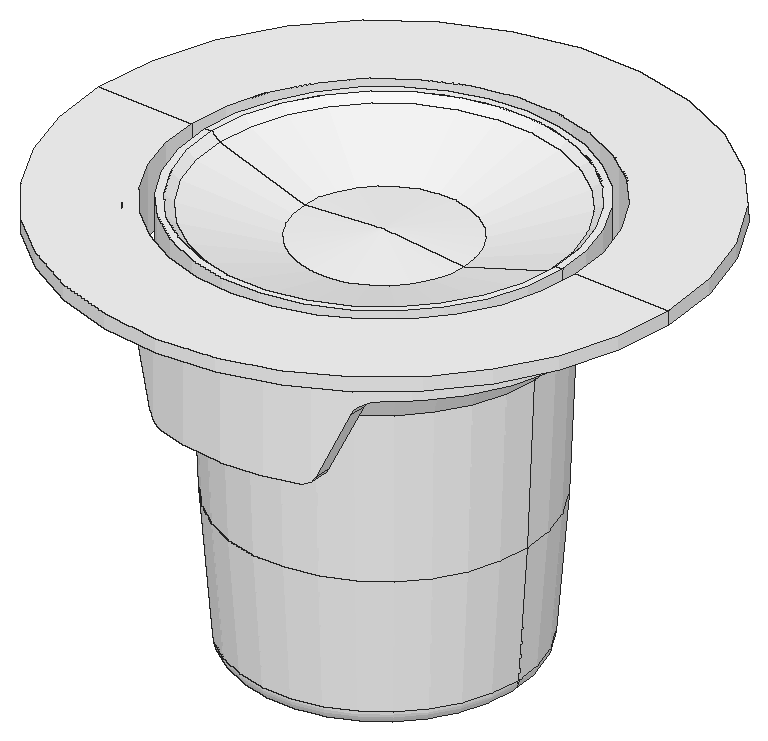
Revit family "0053543 Sylvania Lighting Fixture START SPOT LED IP20 3000K ", category Lighting Fixtures, host Face, Revit 2016
Family settings
  Host = Face
  Part Type = Normal
  Round Connector Dimension = Use Diameter
  OmniClass Number = 23.80.70.00
  OmniClass Title = Lighting
  Cut with Voids When Loaded = No
  Light Source = No
  Shared = No
  Room Calculation Point = No
Parameters (values of type "0053543 START SPOT LED IP20 3000K ")
  Weight = "4.032 kg"
  Wattage Comments = ""
  WarrantyStartDate [instance] = "n/a"
  WarrantyGuarantorParts = "n/a"
  WarrantyDurationUnit = "n/a"
  WarrantyDurationParts = "n/a"
  WarrantyDescription = "n/a"
  Voltage = 230 V
  VisibilityTop_FEILO = yes
  URL = "http://www.sylvania-lighting.com"
  TypeName = "START SPOT LED IP20 3000K"
  TypeHead_FEILO = Start Spot IP20 Head : 0053543 START SPOT LED IP20 3000K 
  Type Image = <None>
  Type Comments = "n/a"
  TiltAngle_FEILO [instance] = 0.00°
  SerialNumber [instance] = "n/a"
  RadiusOptics_FEILO = 98.5 mm
  RadiusDiffuser_FEILO = 14 mm
  RadiusCutout_FEILO = 36 mm
  Material_3_FEILO = none
  PowerFactor = 0
  PowerConsumption = "5 W"
  NominalLength = 86 mm
  NominalHeight = 60 mm
  NominalDepth = 86 mm
  Name = "START SPOT LED IP20 3000K"
  ModelReference = Name  # "START SPOT LED IP20 3000K"
  ModelNumber = "0053543"
  Model = Name  # "START SPOT LED IP20 3000K"
  Material = "polycarbonate housing, acrylic diffuser"
  ManufacturerName = "Feilo Sylvania"
  Manufacturer = "Feilo Sylvania"
  LuminousEfficacy = "80 lm/W"
  LuminaireType = ""
  LightOutputRatio = "100"
  LampsType = Lamp  # "LED"
  LampNominalLuminous = "400 lm"
  LampMacAdamStep = "n/a"
  LampColourTemperature = "3000 K"
  LampColourRenderingIndex = "80"
  Lamp = "LED"
  Keynote = "16500"
  InstallationDate [instance] = "n/a"
  InputVoltage = "220-240V~"
  InputNominalFrequency = "50/60 Hz"
  IngressProtection = "IP20"
  ImpactProtectionIndex = "IK03"
  IfcExportType = "IfcLightFixtureType"
  IfcExportAs = "IfcLightFixtureType"
  HeightBezel_FEILO = 2 mm
  ExpectedLife = 50000
  EndAngle_FEILO [instance] = TiltAngle_FEILO + 180.00°  # 180.00°
  ElectricShockClassification = "Class II"
  DurationUnit = "hours"
  DocumentationLiterature = "http://www.sylvania-lighting.com/product/en-int/products/0053543"
  DimmingControlOptions = "n/a"
  Material_2_FEILO = LED-Sylvania-StartSpot
  DiameterBezel_FEILO = 86 mm
  Description = "Integrated LED IP20 adjustable downlight, RAL9016, 400LM, 5W, 3000K, 30 degree tilt, 38 degree beam angle, polycarbonate white body, low profile 41mm recessed depth, 86mm bezel diameter, 68-74mm cutout, clear lens."
  DepthDiffuser_FEILO = 5 mm
  Default Elevation = 1219.2 mm
  CreatedOn = "4/20/2018"
  CreatedBy = "aron.fodor@sylvania-lighting.com"
  Cost = 0
  built-in parameter 1114216 [instance] = (empty or 0)
  ClassificationValue = "EF_70_80"
  ClassificationName = "Uniclass2015"
  Material_1_FEILO = Body-Sylvania-StartSpot-White
  BarCode [instance] = "n/a"
  AssetType = "Fixed"
  AssetIdentifier [instance] = "n/a"
  Assembly Code = "D5020200"
  Apparent Load = 5 VA
  Material_4_FEILO = none
Reference planes
  plane 1 "Center (Front/Back)": y = 0
  plane 2: z = 0
  plane 3 "Center (Left/Right)": x = 0
  plane 4: x = -43
  plane 5: x = 43
  plane 6: z = 2
  plane 7: z = -8
  plane 8: z = -10
  plane 9: z = -13.5
  plane 10: z = -36.5
  plane 11: z = -55
  plane 12: z = -67.625
  plane 13: x = -19
  plane 14: x = -21.5
  plane 15: x = -24
  plane 16: x = -26
  plane 17: x = -31
  plane 18: x = -17
  plane 19: z = -20
  plane 20: z = -3
  plane 21: x = -14
  plane 22: x = -29
  plane 23: x = -23
  plane 24: x = -27.2
  plane 25: x = -26
  plane 26: z = 1
  plane 27: z = -2
  plane 28: x = -12
  plane 29: y = 43
  plane 30: y = 43
  plane 31: y = -43
  plane 32: x = 31
  plane 33: x = 12
  plane 34: x = 17
  plane 35: z = -7
  plane 36: x = -36
  plane 37: x = -28.2
Forms (mm)
  Revolve 1, solid, material "Body-Sylvania-StartSpot-White" <- "Material_1_FEILO"
    sketch origin (0, 0, 0) x (1, 0, 0) y (0, 0, 1)
      loop
        line (-29, 2) -> (-43, 2) -> (-43, 0) -> (-31, 0) -> (-31, -20) -> (-29, -20) -> (-29, 2)
      axis (0, 2) -> (0, -20)
    angle from 360 to 0
  Extrusion 2, void
    sketch origin (0, 0, 0) x (1, 0, 0) y (0, 0, 1)
      loop
        line (-31, -8) -> (-31, -20) -> (-10.333, -20)
        arc (-10.333, -20) -> (-11.72, -19.58) -> (-12.641, -18.462) r 2.5
        line (-12.641, -18.462) -> (-16.231, -9.846)
        arc (-16.231, -9.846) -> (-17.336, -8.504) -> (-19, -8) r 3
        line (-19, -8) -> (-31, -8)
      loop
        line (31, -8) -> (19, -8)
        arc (19, -8) -> (17.336, -8.504) -> (16.231, -9.846) r 3
        line (16.231, -9.846) -> (12.513, -18.769)
        arc (12.513, -18.769) -> (11.776, -19.664) -> (10.667, -20) r 2
        line (10.667, -20) -> (31, -20) -> (31, -8)
    from -43 to 43
  Revolve 3, void
    sketch origin (0, 0, 0) x (1, 0, 0) y (0, 0, 1)
      loop
        line (-36, 0) -> (-36, -67.625) -> (0, -67.625) -> (0, 0) -> (-36, 0)
      axis (0, 0) -> (0, -67.625)
    angle from 360 to 0
  Revolve 4, solid, not visible
    sketch origin (0, 0, 0) x (0, 1, 0) y (0, 0, 1)
      loop
        line (0, -13.5) -> (-12.534, -13.5) -> (-12.534, -17.399) -> (0, -17.399) -> (0, -13.5)
      axis (0, -13.5) -> (-12.534, -13.5)
    angle from 0 <- "TiltAngle_FEILO" to 180 <- "EndAngle_FEILO"
Cuts and joins
  Extrusion 2 cuts Revolve 1
Lines and regions (mm)
  reference lines
    curve 1: line (-17, 0, -8) -> (-12, 0, -20)
    curve 2: line (17, 0, -8) -> (12, 0, -20)
Dimensions and locks
  equal spacing: plane 5, plane 3 "Center (Left/Right)", plane 4
  "DiameterBezel_FEILO": plane 5 to plane 4
  "HeightBezel_FEILO": plane 6 to plane 2
  plane 3 "Center (Left/Right)" to plane 13 to plane 14 to plane 15 to plane 16 to plane 17 to plane 4 = 19 mm, 2.5 mm, 2.5 mm, 2 mm, 5 mm, 12 mm
  plane 2 to plane 7 to plane 8 to plane 9 to plane 19 to plane 10 to plane 11 to plane 12 = 8 mm locked, 2 mm locked, 3.5 mm locked, 6.5 mm locked, 16.5 mm locked, 18.5 mm locked, 12.625 mm locked
  "DepthDiffuser_FEILO": plane 6 to plane 20
  "RadiusDiffuser_FEILO": plane 3 "Center (Left/Right)" to plane 21
  locked: plane 22 to plane 17 at 2
  locked: plane 23 to plane 15 at 1
  locked: plane 25 to plane 24 at 1.2
  locked: plane 6 to plane 26 at 1
  locked: plane 27 to plane 20 at 1
  locked: plane 3 "Center (Left/Right)" to plane 28 at 12
  equal spacing: plane 31, plane 1 "Center (Front/Back)", plane 30
  "DiameterBezel_FEILO": plane 31 to plane 30
  locked: plane 32 to plane 3 "Center (Left/Right)" at 31
  locked: plane 33 to plane 3 "Center (Left/Right)" at 12
  locked: plane 34 to plane 3 "Center (Left/Right)" at 17
  locked: plane 6 to plane 35 at 9
  "RadiusCutout_FEILO": plane 3 "Center (Left/Right)" to plane 36
  locked: plane 24 to plane 37 at 1
  aligned and locked: plane 2 to host face
  aligned and locked: level to host face
  aligned and locked: Revolve 1 sketch curve to plane 3 "Center (Left/Right)"
  aligned and locked: Revolve 1 sketch curve to plane 17
  aligned and locked: plane 7 to curve 1
  aligned and locked: plane 18 to curve 1
  aligned and locked: plane 28 to curve 1
  aligned and locked: plane 19 to curve 1
  aligned and locked: plane 7 to Extrusion 2 sketch curve  (x2)
  aligned and locked: curve 1 to Extrusion 2 sketch curve
  aligned and locked: Extrusion 2 sketch curve to Revolve 1
  aligned and locked: plane 7 to curve 2
  aligned and locked: plane 19 to curve 2
  aligned and locked: Extrusion 2 sketch curve to plane 32
  aligned and locked: Extrusion 2 sketch curve to curve 2
  aligned and locked: plane 19 to Extrusion 2 sketch curve
  aligned and locked: Extrusion 2 sketch curve to plane 19
  aligned and locked: Revolve 3 sketch curve to level
  aligned and locked: Revolve 3 sketch curve to plane 3 "Center (Left/Right)"  (x2)
  aligned and locked: plane 36 to Revolve 3 sketch curve
  aligned and locked: plane 25 to plane 16
  aligned and locked: Revolve 1 sketch curve to plane 6
  aligned and locked: Revolve 1 sketch curve to plane 22
  aligned and locked: Revolve 4 sketch curve to plane 9  (x2)
  aligned and locked: Revolve 4 sketch curve to plane 1 "Center (Front/Back)"
  aligned and locked: Revolve 3 sketch curve to plane 12
  aligned and locked: nested 2 to plane 1 "Center (Front/Back)"
Automatic sketch dimensions
  host sketch curve to host sketch curve = 2438.4 mm  (x2)
  curve 2 to plane 33 = 0 mm
  curve 2 to plane 34 = 0 mm
  Extrusion 2 sketch curve to plane 13 = 0 mm
  Extrusion 2 sketch curve to plane 8 = 0.154 mm  (x2)
  Extrusion 2 sketch curve to plane 28 = 0.641 mm
  plane 28 to Extrusion 2 sketch curve = 1.667 mm
  Extrusion 2 sketch curve to plane 33 = 1.333 mm
  plane 33 to Extrusion 2 sketch curve = 0.513 mm
  plane 34 to Extrusion 2 sketch curve = 2 mm
  Revolve 1 sketch curve to plane 4 = 0 mm
  Revolve 1 sketch curve to plane 19 = 0 mm
  Revolve 1 sketch curve to level = 0 mm
  plane 12 to Revolve 1 sketch curve = 551.6 mm
  Revolve 1 sketch curve to plane 6 = 2606.058 mm
  Revolve 4 sketch curve to plane 19 = 2.601 mm
  plane 1 "Center (Front/Back)" to Revolve 4 sketch curve = 12.534 mm
  plane 31 to Revolve 4 sketch curve = 2511.941 mm
  Revolve 4 sketch curve to plane 29 = 2054.409 mm
  plane 12 to Revolve 3 sketch curve = 551.6 mm
  Revolve 3 sketch curve to plane 6 = 2607.058 mm
Nested families
  nested 1: "Start Spot tilt connector" at (0, -6.841, -11.913) x (0, 0, 1) z (1, 0, 0), type "Type Name"
  nested 2: "Start Spot IP20 Head" at (0, 0, -0.013) x (-1, 0, 0) z (0, 0, 1), type <- "TypeHead_FEILO", type "0053543 START SPOT LED IP20 3000K "
    with built-in parameter 1114216 (empty or 0)
Connectors
  electrical at (0, 0, 0), driven by "Apparent Load", driven by "PowerFactor", driven by "Voltage"
    settings: index 1, voltage 230 V, apparent load 5 VA, apparent load phase1 0 VA, apparent load phase2 0 VA, apparent load phase3 0 VA, power factor 0, load classification "Lighting", number of poles 1, system type 30, power factor state 1, is connector primary yes, connector utility no, sub classification motor no, connector description ""
Definition of nested family "Start Spot IP20 Head"
  Parameters (values of type "0053578 START SPOT LED IP20 4000K 3PK")
    Wattage Comments = ""
    Wattage = 5 W
    built-in parameter 1150110 = 1 (stored number, unit not read)
    VisibilityTop_FEILO = yes
    URL = "http://www.sylvania-lighting.com"
    Type Image = (empty or 0)
    Type Comments = "n/a"
    built-in parameter 1114217 = 1 (stored number, unit not read)
    Tilt Angle = -90.00°
    built-in parameter 1150109 = 1 (stored number, unit not read)
    built-in parameter 1150134 = 12
    built-in parameter 1150113 = 1 (stored number, unit not read)
    RadiusOptics_FEILO = 98.5 mm
    RadiusFilletTop_FEILO = 2.509 mm
    RadiusDiffuser_FEILO = 14 mm
    RadiusCutout_FEILO = 36 mm
    Photometric Web File = "0053544.ies"
    Material_3_FEILO = none
    Model = "START SPOT LED IP20 4000K 3PK"
    Manufacturer = "Feilo Sylvania"
    LuminousEfficacy = "84 lm/W"
    built-in parameter 1150105 = 732.03 (stored number, unit not read)
    Lumens = 420 lm
    built-in parameter 1150115 = 1 (stored number, unit not read)
    LightOutputRatio = "100"
    built-in parameter 1150137 = (empty or 0)
    built-in parameter 1150139 = (empty or 0)
    LampNominalLuminous = "420 lm"
    LampMacAdamStep = "n/a"
    LampColourTemperature = "4000 K"
    LampColourRenderingIndex = "80"
    built-in parameter 1150112 = 1 (stored number, unit not read)
    built-in parameter 1150114 = 1 (stored number, unit not read)
    Lamp = "LED"
    Keynote = "16500"
    built-in parameter 1150132 = (empty or 0)
    built-in parameter 1150102 = (empty or 0)
    built-in parameter 1150107 = 4000 (stored number, unit not read)
    built-in parameter 1150138 = (empty or 0)
    built-in parameter 1150106 = 7.3203 (stored number, unit not read)
    HeightBezel_FEILO = 2 mm
    Emit from Circle Diameter = 24 mm
    Emit Shape Visible in Rendering = no
    built-in parameter 1150104 = 7.8039 (stored number, unit not read)
    Material_2_FEILO = none
    Dimming Lamp Color Temperature Shift = (empty or 0)
    DiameterBezel_FEILO = 86 mm
    Description = "Integrated LED IP20 adjustable downlight, RAL9016, 430LM, 5W, 4000K, 30 degree tilt, 38 degree beam angle, polycarbonate white body, low profile 41mm recessed depth, 86mm bezel diameter, 68-74mm cutout, clear lens."
    DepthDiffuser_FEILO = 5 mm
    Default Elevation = 1219.2 mm
    Cost = 0
    Color Filter = 16777215
    built-in parameter 1114216 [instance] = (empty or 0)
    Material_1_FEILO = none
    built-in parameter 1114218 = 1 (stored number, unit not read)
    built-in parameter 1150133 = 10 (stored number, unit not read)
    Assembly Code = "D5020200"
    Apparent Load = 5 VA
    Material_4_FEILO = none
  Types (7, lengths in mm): name | Wattage | VisibilityTop_FEILO | built-in parameter 1150134 | Photometric Web File | Model | LuminousEfficacy | built-in parameter 1150105 | Lumens | LightOutputRatio | LampNominalLuminous | LampColourTemperature | built-in parameter 1150107 | built-in parameter 1150106 | built-in parameter 1150104 | Description | Apparent Load
    0053578 START SPOT LED IP20 4000K 3PK | 5 W | yes | 12 | "0053544.ies" | "START SPOT LED IP20 4000K 3PK" | "84 lm/W" | 732.03 (stored number, unit not read) | 420 lm | "100" | "420 lm" | "4000 K" | 4000 (stored number, unit not read) | 7.3203 (stored number, unit not read) | 7.8039 (stored number, unit not read) | "Integrated LED IP20 adjustable downlight, RAL9016, 430LM, 5W, 4000K, 30 degree tilt, 38 degree beam angle, polycarbonate white body, low profile 41mm recessed depth, 86mm bezel diameter, 68-74mm cutout, clear lens." | 5 VA
    0053543 START SPOT LED IP20 3000K | 5 W | yes | (empty or 0) | "0053543.ies" | "START SPOT LED IP20 3000K" | "80 lm/W" | 560.2 (stored number, unit not read) | 400 lm | "100" | "400 lm" | "3000 K" | 3000 (stored number, unit not read) | 5.602 (stored number, unit not read) | 7.4322 (stored number, unit not read) | "Integrated LED IP20 adjustable downlight, RAL9016, 400LM, 5W, 3000K, 30 degree tilt, 38 degree beam angle, polycarbonate white body, low profile 41mm recessed depth, 86mm bezel diameter, 68-74mm cutout, clear lens." | 5 VA
    0053544 START SPOT LED IP20 4000K | 5 W | yes | 12 | "0053544.ies" | "START SPOT LED IP20 4000K" | "84 lm/W" | 732.03 (stored number, unit not read) | 420 lm | "100" | "420 lm" | "4000 K" | 4000 (stored number, unit not read) | 7.3203 (stored number, unit not read) | 7.8039 (stored number, unit not read) | "Integrated LED IP20 adjustable downlight, RAL9016, 430LM, 5W, 4000K, 30 degree tilt, 38 degree beam angle, polycarbonate white body, low profile 41mm recessed depth, 86mm bezel diameter, 68-74mm cutout, clear lens." | 5 VA
    0053547 START SPOT LED IP20 6500K | 5 W | no | 1 | "0053547.ies" | "START SPOT LED IP20 6500K" | "84 lm/W" | 866.26 (stored number, unit not read) | 420 lm | "n/a" | "420 lm" | "6500 K" | 6500 (stored number, unit not read) | 8.6626 (stored number, unit not read) | 7.8039 (stored number, unit not read) | "Integrated LED IP20 adjustable downlight, RAL9016, 430LM, 5W, 6500K, 30 degree tilt, 38 degree beam angle, polycarbonate white body, low profile 41mm recessed depth, 86mm bezel diameter, 65-74mm cutout, clear lens" | 5 VA
    0053583 START SPOT LED DIM IP20 3000K | 5.5 W | no | (empty or 0) | "0053583.ies" | "START SPOT LED DIM IP20 3000K" | "73 lm/W" | 853.53 (stored number, unit not read) | 401.5 lm | "n/a" | "400 lm" | "3000 K" | 3000 (stored number, unit not read) | 8.5353 (stored number, unit not read) | 6.7819 (stored number, unit not read) | "Integrated dimmable LED IP20 adjustable downlight, RAL9016, 400LM, 5.5W, 3000K, 30 degree tilt, 38 degree beam angle, polycarbonate white body, low profile 41mm recessed depth, 86mm bezel diameter, 65-74mm cutout, clear lens" | 5.5 VA
    0053584 START SPOT LED DIM IP20 4000K | 5.5 W | no | 12 | "0053584.ies" | "START SPOT LED DIM IP20 4000K" | "76 lm/W" | 855.36 (stored number, unit not read) | 418 lm | "n/a" | "420 lm" | "4000 K" | 4000 (stored number, unit not read) | 8.5536 (stored number, unit not read) | 7.0606 (stored number, unit not read) | "Integrated dimmable LED IP20 adjustable downlight, RAL9016, 430LM, 5.5W, 4000K, 30 degree tilt, 38 degree beam angle, polycarbonate white body, low profile 41mm recessed depth, 86mm bezel diameter, 65-74mm cutout, clear lens" | 5.5 VA
    0053585 START SPOT LED DIM IP20 6500K | 5.5 W | no | 1 | "0053585.ies" | "START SPOT LED DIM IP20 6500K" | "76 lm/W" | 871.62 (stored number, unit not read) | 418 lm | "n/a" | "420 lm" | "6500 K" | 6500 (stored number, unit not read) | 8.7162 (stored number, unit not read) | 7.0606 (stored number, unit not read) | "Integrated dimmable LED IP20 adjustable downlight, RAL9016, 430LM, 5.5W, 6500K, 30 degree tilt, 38 degree beam angle, polycarbonate white body, low profile 41mm recessed depth, 86mm bezel diameter, 65-74mm cutout, clear lens" | 5.5 VA
  Reference planes
    plane 1 "Center (Front/Back)": y = 0
    plane 2: z = 0
    plane 3 "Center (Left/Right)": x = 0
    plane 4: z = 2
    plane 5: z = -9
    plane 6: z = -11
    plane 7: z = -14.5
    plane 8: z = -37.5
    plane 9: z = -56
    plane 10: z = -58
    plane 11: x = -19
    plane 12: x = -20.3
    plane 13: x = -22.8
    plane 14: x = -24.8
    plane 15: z = -21
    plane 16: z = -3
    plane 17: x = -21.8
    plane 18: x = -26
    plane 19: x = -24.8
    plane 20: z = 1
    plane 21: z = -2
    plane 22: x = -12
    plane 23: y = 43
    plane 24: y = 43
    plane 25: y = -43
    plane 26: z = -7
    plane 27: x = -27
  Forms (mm)
    Extrusion 1, solid
      sketch origin (4.2, 0, 0) x (1, 0, 0) y (0, 1, 0)
        loop
          line (-1219.2, 1219.2) -> (-1219.2, -1219.2) -> (1219.2, -1219.2) -> (1219.2, 1219.2) -> (-1219.2, 1219.2)
      from 0 to -68.017
    Revolve 2, solid, material <- "Material_1_FEILO"
      sketch origin (0, 0, 0) x (1, 0, 0) y (0, 0, 1)
        loop
          line (-24.8, -7) -> (-24.8, -11) -> (-22.8, -14.5) -> (-21.8, -37.5) -> (0, -37.5) -> (0, -2)
          arc (0, -2) -> (-6.021, -2.25) -> (-12, -3) r 72.5
          line (-12, -3) -> (-24.8, 1) -> (-26, 2) -> (-27, 2) -> (-27, -7) -> (-24.8, -7)
        axis (0, 2) -> (0, -37.5)
      angle from 360 to 0
    Revolve 3, solid, material <- "Material_1_FEILO", visible <- "VisibilityTop_FEILO"
      sketch origin (0, 0, 0) x (1, 0, 0) y (0, 0, 1)
        loop
          line (0, -37.5) -> (-21.8, -37.5) -> (-20.3, -56)
          arc (-20.3, -56) -> (-19.903, -57.164) -> (-19, -58) r 2.509
          line (-19, -58) -> (0, -58) -> (0, -37.5)
        axis (0, -37.5) -> (0, -58)
      angle from 360 to 0
  Dimensions and locks
    "HeightBezel_FEILO": plane 4 to plane 2
    plane 2 to plane 5 to plane 6 to plane 7 to plane 15 to plane 8 to plane 9 to plane 10 = 9 mm locked, 2 mm locked, 3.5 mm locked, 6.5 mm locked, 16.5 mm locked, 18.5 mm locked, 2 mm locked
    "DepthDiffuser_FEILO": plane 4 to plane 16
    locked: plane 4 to plane 20 at 1
    locked: plane 21 to plane 16 at 1
    equal spacing: plane 25, plane 1 "Center (Front/Back)", plane 24
    "DiameterBezel_FEILO": plane 25 to plane 24
    locked: plane 4 to plane 26 at 9
    locked: plane 3 "Center (Left/Right)" to plane 27 at 27
    plane 11 to plane 12 to plane 17 to plane 13 to plane 19 to plane 18 to plane 27 = 1.3 mm, 1.5 mm locked, 1 mm locked, 2 mm locked, 1.2 mm locked, 1 mm locked
    locked: plane 3 "Center (Left/Right)" to plane 22 at 12
    locked: Revolve 3 sketch curve to plane 10 at 2.203
    locked: plane 3 "Center (Left/Right)" to Revolve 3 sketch curve at 17.8
    "RadiusFilletTop_FEILO": radius of Revolve 3 sketch curve
    aligned and locked: plane 2 to Extrusion 1
    aligned and locked: level to Extrusion 1
    aligned and locked: Revolve 2 sketch curve to plane 3 "Center (Left/Right)"
    aligned and locked: plane 6 to Revolve 2 sketch curve
    aligned and locked: Revolve 2 sketch curve to plane 14
    aligned and locked: plane 7 to Revolve 2 sketch curve
    aligned and locked: plane 17 to Revolve 2 sketch curve
    aligned and locked: plane 8 to Revolve 2 sketch curve
    aligned and locked: plane 3 "Center (Left/Right)" to Revolve 2 sketch curve  (x2)
    aligned and locked: Revolve 3 sketch curve to plane 3 "Center (Left/Right)"
    aligned and locked: plane 3 "Center (Left/Right)" to Revolve 3 sketch curve  (x2)
    aligned and locked: Revolve 3 sketch curve to Revolve 2  (x2)
    aligned and locked: plane 12 to Revolve 3 sketch curve
    aligned and locked: plane 11 to Revolve 3 sketch curve
    aligned and locked: plane 19 to plane 14
    aligned and locked: plane 14 to Revolve 2 sketch curve
    aligned and locked: plane 18 to Revolve 2 sketch curve
    aligned and locked: Revolve 2 sketch curve to plane 4
    aligned and locked: Revolve 2 sketch curve to plane 27
    aligned and locked: plane 26 to Revolve 2 sketch curve
    aligned and locked: plane 3 "Center (Left/Right)" to imposter light
    aligned and locked: imposter light to plane 21
    aligned and locked: plane 21 to Revolve 2 sketch curve
    aligned and locked: plane 22 to Revolve 2 sketch curve
    aligned and locked: plane 16 to Revolve 2 sketch curve
  Automatic sketch dimensions
    Extrusion 1 sketch curve to Extrusion 1 sketch curve = 2438.4 mm  (x2)
    Revolve 2 sketch curve to plane 13 = 0 mm
    Revolve 2 sketch curve to plane 20 = 0 mm
    Revolve 2 sketch curve to Revolve 2 sketch curve = 535.1 mm
    Revolve 2 sketch curve to plane 4 = 2607.058 mm
    plane 10 to Revolve 3 sketch curve = 551.6 mm
    Revolve 3 sketch curve to plane 4 = 2607.058 mm
  Connectors
    electrical at (0, 0, 0), driven by "Apparent Load"
      settings: index 1, voltage 0 V, apparent load 5 VA, apparent load phase1 0 VA, apparent load phase2 0 VA, apparent load phase3 0 VA, power factor 0, load classification none, number of poles 1, system type 30, power factor state 1, is connector primary yes, connector utility no, sub classification motor no, connector description ""
Definition of nested family "Start Spot tilt connector"
  Parameters (values of type "Type Name")
    URL = "http://www.feilosylvania.com"
    Type Image = (empty or 0)
    Type Comments = "n/a"
    Material_3_FEILO = none
    Model = ""
    Manufacturer = "Feilo Sylvania"
    Keynote = ""
    Material_2_FEILO = none
    Description = ""
    Default Elevation = 1219.2 mm
    Cost = 0
    Material_1_FEILO = none
    Assembly Code = ""
    Material_4_FEILO = none
  Reference planes
    plane 1 "Center (Front/Back)": y = 0
    plane 2: z = 0
    plane 3 "Center (Left/Right)": x = 0
    plane 4: x = 11.9
    plane 5: z = 2
    plane 6: x = 13.9
    plane 7: z = 4.937
    plane 8: y = -3
    plane 9: y = 3
  Forms (mm)
    Extrusion 1, solid
      sketch origin (4.2, 0, 0) x (1, 0, 0) y (0, 1, 0)
        loop
          line (-1219.2, 1219.2) -> (-1219.2, -1219.2) -> (1219.2, -1219.2) -> (1219.2, 1219.2) -> (-1219.2, 1219.2)
      from 0 to -68.017
    Extrusion 2, solid, not visible
      sketch origin (0, 0, 0) x (1, 0, 0) y (0, 0, 1)
        loop
          line (0, 0) -> (13.9, 0) -> (13.9, 4.937) -> (11.9, 4.937) -> (11.9, 2) -> (0, 2) -> (0, 0)
      from -3 to 3
  Dimensions and locks
    locked: plane 4 to plane 3 "Center (Left/Right)" at 11.9
    locked: plane 5 to plane 2 at 2
    locked: plane 6 to plane 4 at 2
    locked: plane 7 to plane 5 at 2.938
    plane 8 to plane 1 "Center (Front/Back)" to plane 9 = 3 mm locked, 3 mm locked
    aligned and locked: plane 2 to Extrusion 1
    aligned and locked: level to Extrusion 1
    aligned and locked: Extrusion 2 sketch curve to plane 4
    aligned and locked: plane 6 to Extrusion 2 sketch curve
    aligned and locked: Extrusion 2 sketch curve to plane 5
    aligned and locked: Extrusion 2 to plane 7
    aligned and locked: Extrusion 2 to plane 4
    aligned and locked: plane 8 to Extrusion 2
    aligned and locked: Extrusion 2 to plane 9
